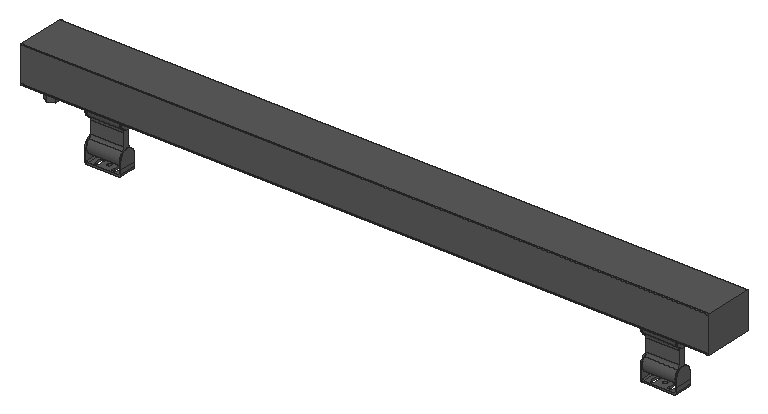
Revit family "LeL Tago 3.3", category Lighting Fixtures, Revit 2021
Family settings
  Round Connector Dimension = Use Diameter
  Part Type = Normal
  OmniClass Number = 23.80.70.00
  OmniClass Title = Lighting
  Work Plane-Based = Yes
  Always vertical = No
  Cut with Voids When Loaded = No
  Light Source = No
  Shared = No
  Room Calculation Point = No
Parameters (values of type "3.3 W 20°x49° 51W")
  Weight = 3.60 kg
  Wattage = 51 W
  URL = "https://www.lucelight.it/en/prodotto.php/140931"
  Rotation wall [instance] = 0.00°
  Rotation body [instance] = 0.00°
  R2 [instance] = if(Rotation body > 90.00°, 90.00°, if(Rotation body < -90.00°, -90.00°, Rotation body))  # 0.00°
  R1 [instance] = if(Rotation wall > 90.00°, 90.00°, if(Rotation wall < -90.00°, -90.00°, Rotation wall))  # 0.00°
  Rated Power supply = 230 V  # constant formula
  Optic = TAGO Light source : 3.3 W 20°x49° 51W
  Model = "TG33"
  Manufacturer = "L&L Luce&Light srl"  # constant formula
  Lumen Output = 3404 lm
  Lamp = "LED"
  IP = "IP65 IP67 IP69"  # constant formula
  IK = "IK09"  # constant formula
  Brackets offset hint [instance] = "Move brackets along the profile"  # constant formula
  Cable gland hint [instance] = "Switch on cable gland if dimmable"  # constant formula
  Description = "Outdoor/linear profiles"  # constant formula
  Default Elevation = 1219.2 mm
  Finish = LeL Black
  Cable gland dimmable [instance] = no
  CRI = "CRI80"  # constant formula
  CCT = 3000 K  # constant formula
  Brackets offset [instance] = 100 mm
  B [instance] = if(Brackets offset > 400 mm, 400 mm, if(Brackets offset < 30 mm, 30 mm, Brackets offset))  # 100 mm
  Author = "A.D."  # constant formula
  Apparent Load = Wattage  # 51 VA
Types (7, lengths in mm): name | Optic | Lumen Output | Brackets offset | B
  3.3 A 51W | TAGO Light source : 3.3 A 51W | 2656 lm | 0 | 30
  3.3 G 51W | TAGO Light source : 3.3 G 51W | 2730 lm | 0 | 30
  3.3 K 69° 51W | TAGO Light source : 3.3 K 69° 51W | 3768 lm | 0 | 30
  3.3 L 29° 51W | TAGO Light source : 3.3 L 29° 51W | 3728 lm | 0 | 30
  3.3 M 17° 51W | TAGO Light source : 3.3 M 17° 51W | 3355 lm | 0 | 30
  3.3 S 11° 51W | TAGO Light source : 3.3 S 11° 51W | 2956 lm | 100 | 100
  3.3 W 20°x49° 51W | TAGO Light source : 3.3 W 20°x49° 51W | 3404 lm | 100 | 100
Reference planes
  plane 1 "Asse sorgente illuminazione (F/B)": y = 0
  plane 2: z = 0
  plane 3 "Asse sorgente illuminazione (L/R)": x = 0
  plane 4 "Prospetto sorgente di illuminazione": z = 1500
  plane 5: y = 0
  plane 6: x = -418
  plane 7: x = 418
  plane 8: z = 21.998
  plane 9: x = -518
  plane 10: x = 518
Lines and regions (mm)
  reference lines
    curve 1: line (0, -0.082, -8.118) -> (0, -0.082, 21.998)
Dimensions and locks
  locked: plane 9 to plane 3 "Asse sorgente illuminazione (L/R)" at 518
  locked: plane 3 "Asse sorgente illuminazione (L/R)" to plane 10 at 518
  "B": plane 9 to plane 6
  "B": plane 7 to plane 10
  "R1": angle plane 5 to curve 1
  aligned and locked: level to plane 2
  aligned and locked: plane 6 to nested 8
  aligned and locked: plane 6 to nested 7
  aligned and locked: plane 6 to nested 6
  aligned and locked: plane 7 to nested 2
  aligned and locked: plane 7 to nested 4
  aligned and locked: plane 7 to nested 3
  aligned and locked: plane 3 "Asse sorgente illuminazione (L/R)" to nested 5
  aligned and locked: plane 8 to curve 1
Automatic sketch dimensions
  plane 1 "Asse sorgente illuminazione (F/B)" to curve 1 = 0.082 mm
Nested families
  nested 1: "Symbol Linear Profile lamp" at (0, 0.044, 0), type "TG33", detail levels coarse
  nested 2: "Bracket wall" at (418, 0, 0), Finish <- "Finish", type "bracket wall"
    with Finish LeL Black
  nested 3: "Bracket body" at (418, 0.061, 71.907) x (1, 0, 0) z (0, 1, 0), Rotation body <- "R2", Finish <- "Finish", type "bracket body"
    with Rotation body 0.00°, Finish LeL Black
  nested 4: "Arm" at (418, -0.027, 21.924) x (1, 0, 0) z (0, 1, 0), Finish <- "Finish", type "arm"
    with Finish LeL Black
  nested 5: "Body" at (0, -0.113, -0.08), Finish <- "Finish", Cable gland <- "Cable gland dimmable", type "body"
    with Finish LeL Black, Cable gland no
  nested 6: "Bracket wall" at (-418, 0, 0), Finish <- "Finish", type "bracket wall"
    with Finish LeL Black
  nested 7: "Bracket body" at (-418, 0.061, 71.907) x (1, 0, 0) z (0, 1, 0), Rotation body <- "R2", Finish <- "Finish", type "bracket body"
    with Rotation body 0.00°, Finish LeL Black
  nested 8: "Arm" at (-418, -0.027, 21.924) x (1, 0, 0) z (0, 1, 0), Finish <- "Finish", type "arm"
    with Finish LeL Black
  nested 9: "TAGO Light source" at (0.547, 30.415, 121.467) x (1, 0, 0) z (0, 1, 0), type <- "Optic", type "3.3 W 20°x49° 51W", detail levels medium
Connectors
  electrical at (-467.94, 0.122, 0), driven by "Rated Power supply", driven by "Apparent Load"
    settings: index 2, voltage 230 V, apparent load 0 VA, apparent load phase1 51 VA, apparent load phase2 0 VA, apparent load phase3 0 VA, power factor 1, load classification "Illuminazione", number of poles 1, system type 31, power factor state 1, is connector primary yes, connector utility no, sub classification motor no, connector description ""
Definition of nested family "Bracket wall"
  Parameters (values of type "bracket wall")
    Default Elevation = 0 mm
    Finish [instance] = none
  Reference planes
    plane 1 "Centro (Fronte/Retro)": y = 0
    plane 2: z = 0
    plane 3 "Centro (Sinistra/Destra)": x = 0
  Forms (mm)
    Extrusion 1, solid, material <- "Finish", detail levels medium+fine
      sketch origin (0, 0, 0) x (1, 0, 0) y (0, 0, -1)
        loop
          line (-25.4, -22) -> (-25.4, -4)
          arc (-25.4, -4) -> (-24.814, -2.586) -> (-23.4, -2) r 2
          line (-23.4, -2) -> (23.4, -2)
          arc (23.4, -2) -> (24.814, -2.586) -> (25.4, -4) r 2
          line (25.4, -4) -> (25.4, -22) -> (27.4, -22) -> (27.4, -10) -> (27.4, -4)
          arc (27.4, -4) -> (26.228, -1.172) -> (23.4, 0) r 4
          line (23.4, 0) -> (-23.4, 0)
          arc (-23.4, 0) -> (-26.228, -1.172) -> (-27.4, -4) r 4
          line (-27.4, -4) -> (-27.4, -10) -> (-27.4, -22) -> (-25.4, -22)
      from -12 to 12
    Extrusion 2, solid, material <- "Finish", detail levels medium+fine
      sketch origin (0, 0, 0) x (0, 0, -1) y (0, 1, 0)
        loop
          line (-22, -12) -> (-22, 12)
          arc (-22, 12) -> (-34, 0) -> (-22, -12) r 12
      from 25.4 to 27.4
    Extrusion 3, solid, material <- "Finish", detail levels medium+fine
      sketch origin (0, 0, 0) x (0, 0, -1) y (0, -1, 0)
        loop
          arc (-22, 12) -> (-34, 0) -> (-22, -12) r 12
          line (-22, -12) -> (-22, 12)
      from 25.4 to 27.4
    Extrusion 4, void
      sketch origin (0, 0, 0) x (1, 0, 0) y (0, 1, 0)
        loop
          arc (-15.411, 7.399) -> (-17.1, 0) -> (-15.411, -7.399) r 17.05
          arc (-15.411, -7.399) -> (-11.348, -8.712) -> (-9.828, -4.722) r 3.1
          arc (-9.828, -4.722) -> (-10.9, -0.004) -> (-9.828, 4.715) r 10.916
          arc (-9.828, 4.715) -> (-11.344, 8.71) -> (-15.411, 7.399) r 3.102
      from 0 to 2
    Extrusion 5, void
      sketch origin (0, 0, 0) x (-1, 0, 0) y (0, -1, 0)
        loop
          arc (-15.411, -7.399) -> (-11.344, -8.71) -> (-9.828, -4.715) r 3.102
          arc (-9.828, -4.715) -> (-10.9, 0.004) -> (-9.828, 4.722) r 10.916
          arc (-9.828, 4.722) -> (-11.348, 8.712) -> (-15.411, 7.399) r 3.1
          arc (-15.411, 7.399) -> (-17.1, 0) -> (-15.411, -7.399) r 17.05
      from 0 to 2
    Extrusion 6, void
      sketch origin (0, 0, 0) x (1, 0, 0) y (0, 1, 0)
        loop
          circle (0, 0) r 3.1
      from 0 to 2
    Extrusion 7, solid, material <- "Finish", detail levels coarse
      sketch origin (0, 0, 0) x (0, 0, -1) y (0, 1, 0)
        loop
          line (0, 12) -> (-22, 12) -> (-30.485, 8.485) -> (-34, 0) -> (-30.485, -8.485) -> (-22, -12) -> (0, -12) -> (0, 12)
      from 25.4 to 27.4
    Extrusion 8, solid, material <- "Finish", detail levels coarse
      sketch origin (0, 0, 0) x (0, 0, -1) y (0, -1, 0)
        loop
          line (0, -12) -> (0, 12) -> (-22, 12) -> (-30.485, 8.485) -> (-34, 0) -> (-30.485, -8.485) -> (-22, -12) -> (0, -12)
      from 25.4 to 27.4
    Extrusion 9, solid, material <- "Finish", detail levels coarse
      sketch origin (0, 0, 0) x (0, 0, -1) y (0, 1, 0)
        loop
          line (0, 12) -> (-2, 12) -> (-2, -12) -> (0, -12) -> (0, 12)
      from -25.4 to 25.4
  Cuts and joins
    Extrusion 4, Extrusion 5, Extrusion 6 cuts Extrusion 1
    joined: Extrusion 1, Extrusion 2, Extrusion 3
  Dimensions and locks
    aligned and locked: level to plane 2
Definition of nested family "Bracket body"
  Parameters (values of type "bracket")
    Rotation body [instance] = 45.00°
    Finish [instance] = none
    Default Elevation = 1219.2 mm
  Reference planes
    plane 1 "Centro (Fronte/Retro)": y = 0
    plane 2: z = 0
    plane 3 "Centro (Sinistra/Destra)": x = 0
    plane 4: z = 0
    plane 5: y = 0
  Lines and regions (mm)
    reference lines
      curve 1: line (0, 0, 0) -> (0, -16.006, -16.006)
  Dimensions and locks
    "Rotation body": angle plane 4 to curve 1
    aligned and locked: level to plane 2
    aligned and locked: plane 4 to curve 1
    aligned and locked: plane 5 to curve 1
  Nested families
    nested 1: "Bracket body" at (0, 8.556, 8.397) x (1, 0, 0) z (0, -0.7071, 0.7071), Finish <- "Finish", type "bracket"
      with Finish none
  Definition of nested family "Bracket body"
    Parameters (values of type "bracket")
      Finish [instance] = none
      Default Elevation = 1219.2 mm
    Reference planes
      plane 1 "Centro (Fronte/Retro)": y = 0
      plane 2: z = 0
      plane 3 "Centro (Sinistra/Destra)": x = 0
    Forms (mm)
      Extrusion 1, solid, material <- "Finish", detail levels medium+fine
        sketch origin (0, -34, 0) x (-1, 0, 0) y (0, -1, 0)
          loop
            line (-25.4, -22) -> (-25.4, -4)
            arc (-25.4, -4) -> (-24.814, -2.586) -> (-23.4, -2) r 2
            line (-23.4, -2) -> (23.4, -2)
            arc (23.4, -2) -> (24.814, -2.586) -> (25.4, -4) r 2
            line (25.4, -4) -> (25.4, -22) -> (27.4, -22) -> (27.4, -10) -> (27.4, -4)
            arc (27.4, -4) -> (26.228, -1.172) -> (23.4, 0) r 4
            line (23.4, 0) -> (-23.4, 0)
            arc (-23.4, 0) -> (-26.228, -1.172) -> (-27.4, -4) r 4
            line (-27.4, -4) -> (-27.4, -10) -> (-27.4, -22) -> (-25.4, -22)
        from -12 to 12
      Extrusion 2, solid, material <- "Finish", detail levels medium+fine
        sketch origin (0, -34, 0) x (0, -1, 0) y (0, 0, 1)
          loop
            line (-22, -12) -> (-22, 12)
            arc (-22, 12) -> (-34, 0) -> (-22, -12) r 12
        from 25.4 to 27.4
      Extrusion 3, solid, material <- "Finish", detail levels medium+fine
        sketch origin (0, -34, 0) x (0, -1, 0) y (0, 0, -1)
          loop
            arc (-22, 12) -> (-34, 0) -> (-22, -12) r 12
            line (-22, -12) -> (-22, 12)
        from 25.4 to 27.4
      Extrusion 4, void
        sketch origin (0, -34, 0) x (-1, 0, 0) y (0, 0, 1)
          loop
            arc (-15.411, 7.399) -> (-17.1, 0) -> (-15.411, -7.399) r 17.05
            arc (-15.411, -7.399) -> (-11.348, -8.712) -> (-9.828, -4.722) r 3.1
            arc (-9.828, -4.722) -> (-10.9, -0.004) -> (-9.828, 4.715) r 10.916
            arc (-9.828, 4.715) -> (-11.344, 8.71) -> (-15.411, 7.399) r 3.102
        from 0 to 2
      Extrusion 5, void
        sketch origin (0, -34, 0) x (1, 0, 0) y (0, 0, -1)
          loop
            arc (-15.411, -7.399) -> (-11.344, -8.71) -> (-9.828, -4.715) r 3.102
            arc (-9.828, -4.715) -> (-10.9, 0.004) -> (-9.828, 4.722) r 10.916
            arc (-9.828, 4.722) -> (-11.348, 8.712) -> (-15.411, 7.399) r 3.1
            arc (-15.411, 7.399) -> (-17.1, 0) -> (-15.411, -7.399) r 17.05
        from 0 to 2
      Extrusion 6, void
        sketch origin (0, -34, 0) x (-1, 0, 0) y (0, 0, 1)
          loop
            circle (0, 0) r 3.1
        from 0 to 2
      Extrusion 7, solid, material <- "Finish", detail levels coarse
        sketch origin (0, -34, 0) x (0, -1, 0) y (0, 0, 1)
          loop
            line (0, 12) -> (-22, 12) -> (-30.485, 8.485) -> (-34, 0) -> (-30.485, -8.485) -> (-22, -12) -> (0, -12) -> (0, 12)
        from 25.4 to 27.4
      Extrusion 8, solid, material <- "Finish", detail levels coarse
        sketch origin (0, -34, 0) x (0, -1, 0) y (0, 0, -1)
          loop
            line (0, -12) -> (0, 12) -> (-22, 12) -> (-30.485, 8.485) -> (-34, 0) -> (-30.485, -8.485) -> (-22, -12) -> (0, -12)
        from 25.4 to 27.4
      Extrusion 9, solid, material <- "Finish", detail levels coarse
        sketch origin (0, -34, 0) x (0, -1, 0) y (0, 0, 1)
          loop
            line (0, 12) -> (-2, 12) -> (-2, -12) -> (0, -12) -> (0, 12)
        from -25.4 to 25.4
    Cuts and joins
      Extrusion 4, Extrusion 5, Extrusion 6 cuts Extrusion 1
    Dimensions and locks
      aligned and locked: level to plane 2
Definition of nested family "Arm"
  Parameters (values of type "arm")
    Finish [instance] = none
    Default Elevation = 1219.2 mm
  Reference planes
    plane 1 "Centro (Fronte/Retro)": y = 0
    plane 2: z = 0
    plane 3 "Centro (Sinistra/Destra)": x = 0
  Forms (mm)
    Extrusion 1, solid, material <- "Finish", detail levels medium+fine
      sketch origin (-9.26, 22.016, 0) x (0, 1, 0) y (0, 0, 1)
        loop
          arc (-62.216, -6.947) -> (-59.72, -4.78) -> (-56.508, -4) r 7
          line (-56.508, -4) -> (-37.492, -4)
          arc (-37.492, -4) -> (-34.28, -4.78) -> (-31.784, -6.947) r 7
          arc (-31.784, -6.947) -> (-10, 0) -> (-31.784, 6.947) r 12
          arc (-31.784, 6.947) -> (-34.28, 4.78) -> (-37.492, 4) r 7
          line (-37.492, 4) -> (-56.508, 4)
          arc (-56.508, 4) -> (-59.72, 4.78) -> (-62.216, 6.947) r 7
          arc (-62.216, 6.947) -> (-84, 0) -> (-62.216, -6.947) r 12
      from -15.74 to 34.26
    Extrusion 2, solid, material <- "Finish", detail levels coarse
      sketch origin (0, 0, 0) x (0, 1, 0) y (0, 0, 1)
        loop
          line (0, 12) -> (-8.485, 8.485) -> (-10.243, 4.243) -> (-39.726, 4.243) -> (-41.483, 8.485) -> (-49.969, 12) -> (-58.454, 8.485) -> (-61.969, 0) -> (-58.454, -8.485) -> (-49.969, -12) -> (-41.483, -8.485) -> (-39.726, -4.243) -> (-10.243, -4.243) -> (-8.485, -8.485) -> (0, -12) -> (8.485, -8.485) -> (12, 0) -> (8.485, 8.485) -> (0, 12)
      from -25 to 25
  Dimensions and locks
    aligned and locked: level to plane 2
Definition of nested family "Body"
  Parameters (values of type "body")
    Lenght = 1036 mm
    Finish [instance] = none
    Default Elevation = 1219.2 mm
    Cable gland [instance] = yes
  Reference planes
    plane 1 "Centro (Fronte/Retro)": y = 0
    plane 2: z = 0
    plane 3 "Centro (Sinistra/Destra)": x = 0
    plane 4: x = -518
    plane 5: x = -514
    plane 6: x = -503
    plane 7: x = 503
    plane 8: x = 514
    plane 9: x = 518
    plane 10: x = 488.5
    plane 11: x = -483.5
    plane 12: x = -453.5
  Forms (mm)
    Extrusion 1, solid, material <- "Finish", detail levels medium+fine
      sketch origin (0, 0, 0) x (0, 1, 0) y (0, 0, 1)
        loop
          arc (-41.6, 149) -> (-42.307, 148.707) -> (-42.6, 148) r 1
          line (-42.6, 148) -> (-42.6, 95)
          arc (-42.6, 95) -> (-42.307, 94.293) -> (-41.6, 94) r 1
          line (-41.6, 94) -> (31.2, 94)
          arc (31.2, 94) -> (31.554, 94.146) -> (31.7, 94.5) r 0.5
          line (31.7, 94.5) -> (31.7, 148.5)
          arc (31.7, 148.5) -> (31.554, 148.854) -> (31.2, 149) r 0.5
          line (31.2, 149) -> (-41.6, 149)
      from -518 to 518
    Extrusion 2, void
      sketch origin (0, 0, 0) x (1, 0, 0) y (0, 0, 1)
        loop
          line (-514, 146.625) -> (-514, 96.375) -> (514, 96.375) -> (514, 146.625) -> (-514, 146.625)
      from -31.7 to -26.7
    Extrusion 3, solid, detail levels medium+fine
      sketch origin (0, 0, 0) x (1, 0, 0) y (0, 0, 1)
        loop
          line (-514, 146.625) -> (-514, 96.375) -> (514, 96.375) -> (514, 146.625) -> (-514, 146.625)
      from -26.7 to -31.7
    Extrusion 4, solid, detail levels medium+fine
      sketch origin (0, 0, 0) x (1, 0, 0) y (0, 0, 1)
        loop
          line (-503, 132.25) -> (-503, 110.75)
          arc (-503, 110.75) -> (-502.268, 108.982) -> (-500.5, 108.25) r 2.5
          line (-500.5, 108.25) -> (500.5, 108.25)
          arc (500.5, 108.25) -> (502.268, 108.982) -> (503, 110.75) r 2.5
          line (503, 110.75) -> (503, 132.25)
          arc (503, 132.25) -> (502.268, 134.018) -> (500.5, 134.75) r 2.5
          line (500.5, 134.75) -> (-500.5, 134.75)
          arc (-500.5, 134.75) -> (-502.268, 134.018) -> (-503, 132.25) r 2.5
      from -31.7 to -26.7
    Extrusion 5, solid, visible <- "Cable gland", detail levels medium+fine
      sketch origin (402.5, 0, 87.5) x (1, 0, 0) y (0, 1, 0)
        loop
          line (86, -13.63) -> (76.5, -19.115) -> (76.5, -30.085) -> (86, -35.57) -> (95.5, -30.085) -> (95.5, -19.115) -> (86, -13.63)
      from -7.25 to 6.5
    Extrusion 6, solid, visible <- "Cable gland", detail levels medium+fine
      sketch origin (-539.5, 0, 87.5) x (1, 0, 0) y (0, 1, 0)
        loop
          line (86, -13.63) -> (76.5, -19.115) -> (76.5, -30.085) -> (86, -35.57) -> (95.5, -30.085) -> (95.5, -19.115) -> (86, -13.63)
      from -7.25 to 6.5
    Extrusion 7, solid, detail levels medium+fine
      sketch origin (-569.5, 0, 87.5) x (1, 0, 0) y (0, 1, 0)
        loop
          line (86, -13.63) -> (76.5, -19.115) -> (76.5, -30.085) -> (86, -35.57) -> (95.5, -30.085) -> (95.5, -19.115) -> (86, -13.63)
      from -7.25 to 6.5
    Extrusion 8, solid, material <- "Finish", detail levels coarse
      sketch origin (0, 0, 0) x (0, 1, 0) y (0, 0, 1)
        loop
          line (30.513, 149) -> (-42.6, 149) -> (-42.6, 94) -> (30.513, 94) -> (30.513, 149)
      from -518 to 518
    Extrusion 9, solid, detail levels coarse
      sketch origin (0, 62.4, 0) x (0, -1, 0) y (0, 0, -1)
        loop
          line (31.887, -149) -> (31.887, -94) -> (30.7, -94) -> (30.7, -149) -> (31.887, -149)
      from -518 to 518
    Extrusion 10, void
      sketch origin (0, 0, 0) x (1, 0, 0) y (0, 0, 1)
        loop
          arc (-500.5, 134.75) -> (-502.268, 134.018) -> (-503, 132.25) r 2.5
          line (-503, 132.25) -> (-503, 110.75)
          arc (-503, 110.75) -> (-502.268, 108.982) -> (-500.5, 108.25) r 2.5
          line (-500.5, 108.25) -> (500.5, 108.25)
          arc (500.5, 108.25) -> (502.268, 108.982) -> (503, 110.75) r 2.5
          line (503, 110.75) -> (503, 132.25)
          arc (503, 132.25) -> (502.268, 134.018) -> (500.5, 134.75) r 2.5
          line (500.5, 134.75) -> (-500.5, 134.75)
      from -31.7 to -26.7
  Cuts and joins
    Extrusion 2, Extrusion 10 cuts Extrusion 1
    Extrusion 10 cuts Extrusion 8
    Extrusion 10 cuts Extrusion 3
  Dimensions and locks
    equal spacing: plane 9, plane 3 "Centro (Sinistra/Destra)", plane 4
    "Lenght": plane 9 to plane 4
    locked: plane 9 to plane 8 at 4
    locked: plane 5 to plane 4 at 4
    locked: plane 6 to plane 5 at 11
    locked: plane 8 to plane 7 at 11
    locked: plane 11 to plane 6 at 19.5
    locked: plane 12 to plane 11 at 30
    locked: plane 7 to plane 10 at 14.5
    aligned and locked: level to plane 2
    aligned and locked: Extrusion 1 to plane 4
    aligned and locked: Extrusion 1 to plane 9
    aligned and locked: plane 8 to cut or joined group of Extrusion 1, Extrusion 2, Extrusion 10
    aligned and locked: cut or joined group of Extrusion 1, Extrusion 2, Extrusion 10 to plane 5
    aligned and locked: cut or joined group of Extrusion 1, Extrusion 2, Extrusion 10 to cut or joined group of Extrusion 1, Extrusion 2, Extrusion 10
    aligned and locked: Extrusion 6 to plane 12
    aligned and locked: Extrusion 7 to plane 11
    aligned and locked: Extrusion 5 to plane 10
    aligned and locked: Extrusion 8 to plane 9
    aligned and locked: Extrusion 8 to plane 4
    aligned and locked: Extrusion 9 to plane 4
    aligned and locked: Extrusion 9 to plane 9
  Automatic sketch dimensions
    plane 1 "Centro (Fronte/Retro)" to Extrusion 1 sketch curve = 42.6 mm
    Extrusion 1 sketch curve to Extrusion 1 sketch curve = 1 mm  (x2)
    Extrusion 1 sketch curve to plane 1 "Centro (Fronte/Retro)" = 31.2 mm  (x2)
    Extrusion 1 sketch curve to Extrusion 1 sketch curve = 0.5 mm
    level to Extrusion 1 sketch curve = 94 mm
    Extrusion 1 sketch curve to Extrusion 1 sketch curve = 53 mm
    Extrusion 2 sketch curve to plane 5 = 0 mm
    Extrusion 2 sketch curve to plane 8 = 0 mm
    level to Extrusion 2 sketch curve = 96.375 mm
    Extrusion 2 sketch curve to Extrusion 2 sketch curve = 50.25 mm
    Extrusion 3 sketch curve to plane 5 = 0 mm
    Extrusion 3 sketch curve to plane 8 = 0 mm
    level to Extrusion 3 sketch curve = 96.375 mm
    Extrusion 3 sketch curve to Extrusion 3 sketch curve = 50.25 mm
    Extrusion 4 sketch curve to plane 6 = 0 mm
    plane 7 to Extrusion 4 sketch curve = 0 mm
    plane 6 to Extrusion 4 sketch curve = 2.5 mm  (x2)
    plane 7 to Extrusion 4 sketch curve = 2.5 mm  (x2)
    level to Extrusion 4 sketch curve = 108.25 mm
    Extrusion 4 sketch curve to Extrusion 4 sketch curve = 21.5 mm
    Extrusion 5 sketch curve to plane 10 = 0 mm  (x2)
    Extrusion 5 sketch curve to plane 10 = 9.5 mm
    plane 7 to Extrusion 5 sketch curve = 5 mm
    plane 1 "Centro (Fronte/Retro)" to Extrusion 5 sketch curve = 35.57 mm
    Extrusion 5 sketch curve to Extrusion 5 sketch curve = 5.485 mm  (x3)
    Extrusion 5 sketch curve to Extrusion 5 sketch curve = 10.97 mm  (x2)
    Extrusion 6 sketch curve to plane 12 = 0 mm  (x2)
    Extrusion 6 sketch curve to plane 12 = 9.5 mm
    plane 12 to Extrusion 6 sketch curve = 9.5 mm
    plane 1 "Centro (Fronte/Retro)" to Extrusion 6 sketch curve = 35.57 mm
    Extrusion 6 sketch curve to Extrusion 6 sketch curve = 5.485 mm  (x3)
    Extrusion 6 sketch curve to Extrusion 6 sketch curve = 10.97 mm  (x2)
    Extrusion 7 sketch curve to plane 11 = 0 mm  (x2)
    Extrusion 7 sketch curve to plane 11 = 9.5 mm
    plane 11 to Extrusion 7 sketch curve = 9.5 mm
    plane 1 "Centro (Fronte/Retro)" to Extrusion 7 sketch curve = 35.57 mm
    Extrusion 7 sketch curve to Extrusion 7 sketch curve = 5.485 mm  (x3)
    Extrusion 7 sketch curve to Extrusion 7 sketch curve = 10.97 mm  (x2)
    plane 1 "Centro (Fronte/Retro)" to Extrusion 8 sketch curve = 42.6 mm
    Extrusion 8 sketch curve to plane 1 "Centro (Fronte/Retro)" = 30.513 mm
    level to Extrusion 8 sketch curve = 94 mm
    Extrusion 8 sketch curve to Extrusion 8 sketch curve = 55 mm
    Extrusion 9 sketch curve to plane 1 "Centro (Fronte/Retro)" = 31.7 mm
    Extrusion 9 sketch curve to plane 1 "Centro (Fronte/Retro)" = 30.513 mm
    level to Extrusion 9 sketch curve = 149 mm
    Extrusion 9 sketch curve to Extrusion 9 sketch curve = 55 mm
    Extrusion 10 sketch curve to plane 6 = 0 mm
    plane 6 to Extrusion 10 sketch curve = 2.5 mm  (x2)
    Extrusion 10 sketch curve to Extrusion 10 sketch curve = 2.5 mm
    level to Extrusion 10 sketch curve = 108.25 mm
    Extrusion 10 sketch curve to Extrusion 10 sketch curve = 21.5 mm
    plane 7 to Extrusion 10 sketch curve = 2.5 mm
    plane 7 to Extrusion 10 sketch curve = 0 mm
Definition of nested family "Symbol Linear Profile lamp"
  Parameters (values of type "TG33")
    Symbol widht = 55 mm
    Symbol lenght = 1036 mm
  Reference planes
    plane 1: y = 0
    plane 2: x = 0
  Lines and regions (mm)
    detail lines
      curve 1: line (-518, -25, 0) -> (518, -25, 0)
      curve 2: line (-518, 30, 0) -> (-518, -25, 0)
      curve 3: line (518, 30, 0) -> (-518, 30, 0)
      curve 4: line (518, -25, 0) -> (518, 30, 0)
  Dimensions and locks
    equal spacing: curve 3, plane 1, curve 1
    "Symbol widht": curve 3 to curve 1
    equal spacing: curve 2, plane 2, curve 4
    "Symbol lenght": curve 2 to curve 4
  Automatic sketch dimensions
    plane 1 to curve 1 = 25 mm
Definition of nested family "TAGO Light source"
  Parameters (values of type "3.3 W 20°x49° 51W")
    Wattage = 22.9161 W
    built-in parameter 1150110 = 1 (stored number, unit not read)
    built-in parameter 1114217 = 1 (stored number, unit not read)
    Tilt Angle = -90.00°
    built-in parameter 1150109 = 1 (stored number, unit not read)
    built-in parameter 1150134 = (empty or 0)
    built-in parameter 1150113 = 1 (stored number, unit not read)
    Photometric Web File = "TAGO 3.3 W 20°x49° [3000K 51W 230Vac].IES"
    Lumens = 3404 lm
    built-in parameter 1150115 = 1 (stored number, unit not read)
    built-in parameter 1150105 = 60170.3 (stored number, unit not read)
    built-in parameter 1150137 = (empty or 0)
    built-in parameter 1150139 = (empty or 0)
    built-in parameter 1150112 = 1 (stored number, unit not read)
    built-in parameter 1150114 = 1 (stored number, unit not read)
    Lamp = "LED"
    built-in parameter 1150132 = 2
    built-in parameter 1150102 = (empty or 0)
    built-in parameter 1150138 = (empty or 0)
    built-in parameter 1150107 = 3000 (stored number, unit not read)
    built-in parameter 1150106 = 601.7 (stored number, unit not read)
    Emit from Rectangle Width = 1036 mm
    Emit from Rectangle Length = 55 mm
    Emit Shape Visible in Rendering = no
    built-in parameter 1150104 = 13.8 (stored number, unit not read)
    Dimming Lamp Color Temperature Shift = (empty or 0)
    Default Elevation = 1219.2 mm
    Color Filter = 16777215
    built-in parameter 1114218 = 1 (stored number, unit not read)
    built-in parameter 1150133 = 10 (stored number, unit not read)
    Apparent Load = 51 VA
  Types (7, lengths in mm): name | Wattage | Photometric Web File | Lumens | built-in parameter 1150105 | built-in parameter 1150106
    3.3 A 51W | 17.8805 W | "TAGO 3.3 A [3000K 51W 230Vac].IES" | 2656 lm | 1402.7 (stored number, unit not read) | 14.027 (stored number, unit not read)
    3.3 G 51W | 18.3786 W | "TAGO 3.3 G [3000K 51W 230Vac].IES" | 2730 lm | 1441.8 (stored number, unit not read) | 14.418 (stored number, unit not read)
    3.3 K 69° 51W | 24.7607 W | "TAGO 3.3 K 69° [3000K 51W 230Vac].IES" | 3678 lm | 5964 (stored number, unit not read) | 59.64 (stored number, unit not read)
    3.3 L 29° 51W | 25.0973 W | "TAGO 3.3 L 29° [3000K 51W 230Vac].IES" | 3728 lm | 3149.9 (stored number, unit not read) | 31.499 (stored number, unit not read)
    3.3 M 17° 51W | 22.5862 W | "TAGO 3.3 M 17° [3000K 51W 230Vac].IES" | 3355 lm | 9484.4 (stored number, unit not read) | 94.844 (stored number, unit not read)
    3.3 S 11° 51W | 19.9001 W | "TAGO 3.3 S 11° [3000K 51W 230Vac].IES" | 2956 lm | 15508.1 (stored number, unit not read) | 155.08 (stored number, unit not read)
    3.3 W 20°x49° 51W | 22.9161 W | "TAGO 3.3 W 20°x49° [3000K 51W 230Vac].IES" | 3404 lm | 60170.3 (stored number, unit not read) | 601.7 (stored number, unit not read)
  Reference planes
    plane 1 "Light Source Axis (F/B)": y = 0
    plane 2: z = 0
    plane 3 "Light Source Axis (L/R)": x = 0
    plane 4 "Light Source Elevation": z = 1.25
    plane 5: x = 0
  Dimensions and locks
    aligned and locked: plane 4 "Light Source Elevation" to imposter light
    aligned and locked: plane 2 to level
